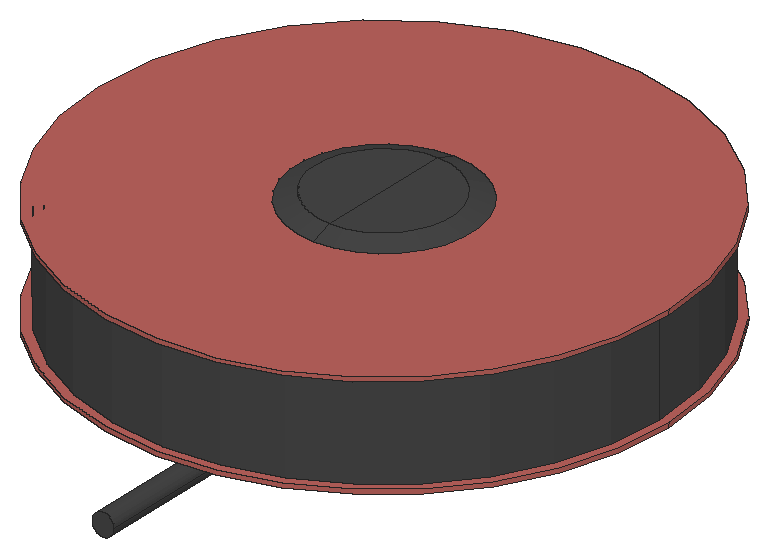
Revit family "GRAS_HW-19 ZWN-S 20-30", category Osprzęt hydrauliczny, Revit 2018
Family settings
  Obiekt nadrzędny = Powierzchnia
  Wymiar okrągłego złącza = Użyj średnicy
  Typ części = Normalny
  Tnij formami wycięć po wczytaniu = Nie
  Współdzielony = Nie
  Punkt obliczania pomieszczeń = Nie
Parameters (values of type "HW-25N-20/30 ZWN-S, 650x110")
  hose_color = Black
  URL = "http://www.gras.pl/"
  Top Right Supply Connection = ""
  Top Left Supply Connection = ""
  Side Right Supply Connection = ""
  Side Left Supply Connection = ""
  Producent = "GRAS PPPH"
  Opis = "https://gras.pl/en/hw-25-zwn-s-20-30/"
  Model = "HW-25N-20/30, 650x110"
  K Factor = 42
  Flow = 60.0 L/s
  Door_Right - Door_Left [instance] = no
  Default Elevation = 0 mm
  Diameter = 650 mm
  Depth_hose_reel = 120 mm
  DN = 25 mm
  Cabinet material = DC01, RAL3000
  Back Right Supply Connection = ""
  Back Left Supply Connection = ""
Types (2, lengths in mm): name | Model | Diameter | Depth_hose_reel
  HW-25N-20/30 ZWN-S, 600x140 | "HW-25N-20/30, 600x140" | 600 | 170
  HW-25N-20/30 ZWN-S, 650x110 | "HW-25N-20/30, 650x110" | 650 | 120
Reference planes
  plane 1 "Środek (Przód/Tył)": y = 0
  plane 2: z = 0
  plane 3 "Środek (Lewa/Prawa)": x = 0
  plane 4: z = 0
  plane 5: y = 650
  plane 6: y = 325
  plane 7: x = 325
  plane 8: x = -325
Forms (mm)
  Extrusion 1, solid, not visible
    sketch origin (0, 0, 0) x (1, 0, 0) y (0, 1, 0)
      loop
        line (-1219.2, 1219.2) -> (-1219.2, -1219.2) -> (1219.2, -1219.2) -> (1219.2, 1219.2) -> (-1219.2, 1219.2)
    from 0 to -304.8
Dimensions and locks
  equal spacing: plane 8, plane 3 "Środek (Lewa/Prawa)", plane 7
  "Diameter": plane 8 to plane 7
  equal spacing: plane 5, plane 6, plane 1 "Środek (Przód/Tył)"
  "Diameter": plane 5 to plane 1 "Środek (Przód/Tył)"
  equal spacing: plane 5, nested 1, plane 1 "Środek (Przód/Tył)"
  aligned and locked: plane 2 to Extrusion 1
  aligned and locked: level to Extrusion 1
Automatic sketch dimensions
  Extrusion 1 sketch curve to Extrusion 1 sketch curve = 2438.4 mm  (x2)
Nested families
  nested 1: "cabinet" at (0, 325, 0) x (-1, 0, 0) z (0, -1, 0), type "cabinet_on_the_wall"
Connectors
  piping at (0, -75, 22.5), diameter 25, driven by "DN"
    settings: on nested 1, index 1, connector inside diameter 609.6 mm, connector length 0 mm, flow factor 0, pipe flow 0.0 L/s, pressure drop 0.0 Pa, fitting loss kfactor 0, connector angle 0.00°, fixture units 0, engagement length 0 mm, angle of deflection 0.00°, flow configuration 0, flow direction 0, fitting loss method 0, system type 7, joint type 0, gender type 0, connector reference index -1, connector utility 0, adjustable connector no, is connector primary yes, connector description ""
Definition of nested family "cabinet"
  Parameters (values of type "cabinet_on_the_wall")
    steel_color = none
    mo_plane = 65 mm
    hose_depth = 120 mm
    diameter = 650 mm
    bracket_thickness = 10 mm
    Szlauch_color = none
    Hoose_reel_mo = mo_plane - 10 mm  # 55 mm
    Default Elevation = 0 mm
    Hose_color = none
    0 = 0 mm
  Reference planes
    plane 1 "Środek (Przód/Tył)": y = 0
    plane 2: z = 0
    plane 3 "Środek (Lewa/Prawa)": x = 0
    plane 4: y = -65
    plane 5: z = 0
    plane 6: x = -325
    plane 7: x = 325
    plane 8: z = -325
    plane 9: z = 325
    plane 10: y = -175
    plane 11: y = -55
  Dimensions and locks
    "mo_plane": plane 1 "Środek (Przód/Tył)" to plane 4
    "0": nested 2 to plane 4
    "0": level to nested 2
    "0": level to nested 1
    "0": plane 5 to plane 2
    equal spacing: plane 9, level, plane 8
    equal spacing: plane 7, plane 3 "Środek (Lewa/Prawa)", plane 6
    "diameter": plane 7 to plane 6
    "diameter": plane 9 to plane 8
    "Hoose_reel_mo": plane 1 "Środek (Przód/Tył)" to plane 11
    "hose_depth": plane 11 to plane 10
    "bracket_thickness": plane 1 "Środek (Przód/Tył)" to nested 3
    "0": nested 4 to nested 2  (x2)
    "0": nested 4 to level
    aligned and locked: level to plane 2
    aligned and locked: plane 3 "Środek (Lewa/Prawa)" to nested 2
  Nested families
    nested 1: "zwns" at (0, 0, -40), type "zwns"
      with 43 65 mm
    nested 2: "hose_reel" at (0, -60, -325), type "hose_reel"
      with diameter 650 mm, depth 120 mm
    nested 3: "hose" at (0, -22.5, 0), type "hose"
    nested 4: "plug" at (0, -180, -100), type "plug"
  Definition of nested family "zwns"
    Parameters (values of type "zwns")
      steel = none
      43 = 43 mm
      40 = 40 mm
      172 = 172 mm
      118 = 118 mm
      10 = 10 mm
    Reference planes
      plane 1 "Środek (Przód/Tył)": y = 0
      plane 2: z = 0
      plane 3 "Środek (Lewa/Prawa)": x = 0
      plane 4: z = 59
      plane 5: z = 118
      plane 6: x = -86
      plane 7: x = 86
      plane 8: y = -10
      plane 9: z = 40
      plane 10: y = -43
      plane 11: z = 60
      plane 12: z = 20
    Forms (mm)
      Extrusion 1, solid, material <- "steel"
        sketch origin (0, 0, 0) x (1, 0, 0) y (0, 1, 0)
          loop
            line (-86, 0) -> (-86, -10) -> (86, -10) -> (86, 0) -> (-86, 0)
        from 0 to 118
      Extrusion 2, solid, material <- "steel"
        sketch origin (0, 0, 0) x (1, 0, 0) y (0, 0, 1)
          loop
            circle (0, 40) r 20
        from 10 to 43
    Dimensions and locks
      equal spacing: plane 5, plane 4, level
      "118": plane 5 to level
      equal spacing: plane 7, plane 3 "Środek (Lewa/Prawa)", plane 6
      "172": plane 7 to plane 6
      "10": plane 8 to plane 1 "Środek (Przód/Tył)"
      "43": plane 1 "Środek (Przód/Tył)" to plane 10
      "40": plane 11 to plane 12
      equal spacing: plane 11, plane 9, plane 12
      "40": plane 9 to level
      aligned and locked: level to plane 2
      aligned and locked: Extrusion 1 sketch curve to plane 7
      aligned and locked: plane 6 to Extrusion 1 sketch curve
      aligned and locked: plane 8 to Extrusion 1 sketch curve
      aligned and locked: plane 1 "Środek (Przód/Tył)" to Extrusion 1 sketch curve
      aligned and locked: Extrusion 1 to level
      aligned and locked: plane 5 to Extrusion 1
      aligned and locked: plane 8 to Extrusion 2
      aligned and locked: Extrusion 2 to plane 10
    Automatic sketch dimensions
      Extrusion 2 sketch curve to plane 3 "Środek (Lewa/Prawa)" = 0 mm
      Extrusion 2 sketch curve to plane 9 = 0 mm
      radius of Extrusion 2 sketch curve = 20 mm
  Definition of nested family "hose_reel"
    Parameters (values of type "hose_reel")
      steel_color = none
      diameter = 700 mm
      depth = 58 mm
      Ral_3000 = none
      Hose_color = none
      5 = 5 mm
      180 = 180 mm
      20 = 20 mm
    Reference planes
      plane 1 "Środek (Przód/Tył)": y = 0
      plane 2: z = 0
      plane 3 "Środek (Lewa/Prawa)": x = 0
      plane 4: z = 350
      plane 5: z = 700
      plane 6: y = -58
      plane 7: z = 680
      plane 8: y = -5
      plane 9: y = -53
      plane 10: z = 440
      plane 11: z = 260
      plane 12: z = 690
    Forms (mm)
      Sweep 1, solid, material <- "Ral_3000"
        path origin (0, 0, 0) x (1, 0, 0) y (0, 0, 1)
          loop
            circle (0, 350) r 350
        profile origin (0, 0, 700) x (0, 0, -1) y (0, -1, 0)
          loop
            line (0, 0) -> (260, 0) -> (260, 58) -> (0, 58) -> (0, 53) -> (20, 53) -> (20, 5) -> (0, 5) -> (0, 0)
      Extrusion 2, solid, material <- "Ral_3000"
        sketch origin (0, 0, 0) x (1, 0, 0) y (0, 0, 1)
          loop
            circle (0, 350) r 90
        from 5 to 53
      Sweep 3, solid, material <- "Hose_color"
        path origin (0, 0, 0) x (1, 0, 0) y (0, 0, 1)
          loop
            circle (0, 350) r 340
        profile origin (0, 0, 690) x (0, 0, -1) y (0, -1, 0)
          loop
            line (10, 5) -> (10, 53) -> (0, 53) -> (0, 5) -> (10, 5)
    Dimensions and locks
      equal spacing: plane 5, plane 4, plane 2
      "diameter": plane 5 to plane 2
      "depth": plane 1 "Środek (Przód/Tył)" to plane 6
      "20": plane 5 to plane 7
      "5": plane 1 "Środek (Przód/Tył)" to plane 8
      "5": plane 9 to plane 6
      equal spacing: plane 10, plane 4, plane 11
      "180": plane 10 to plane 11
      equal spacing: plane 5, plane 12, plane 7
      aligned and locked: level to plane 2
      aligned and locked: plane 7 to Sweep 1 sketch curve
      aligned and locked: plane 8 to Sweep 1 sketch curve
      aligned and locked: Sweep 1 sketch curve to plane 9
      aligned and locked: plane 6 to Sweep 1 sketch curve
      aligned and locked: plane 5 to Sweep 1 sketch curve  (x2)
      aligned and locked: Sweep 1 sketch curve to plane 10
      aligned and locked: Extrusion 2 to Sweep 1
      aligned and locked: Sweep 1 to Extrusion 2
      aligned and locked: plane 7 to Sweep 3 sketch curve
      aligned and locked: Sweep 3 sketch curve to plane 9
      aligned and locked: plane 8 to Sweep 3 sketch curve
      aligned and locked: Sweep 3 sketch curve to plane 12
    Automatic sketch dimensions
      Sweep 1 sketch curve to plane 3 "Środek (Lewa/Prawa)" = 0 mm
      Sweep 1 sketch curve to plane 4 = 0 mm
      Sweep 1 sketch curve to plane 1 "Środek (Przód/Tył)" = 0 mm
      Extrusion 2 sketch curve to plane 3 "Środek (Lewa/Prawa)" = 0 mm
      Extrusion 2 sketch curve to plane 4 = 0 mm
      Sweep 3 sketch curve to plane 3 "Środek (Lewa/Prawa)" = 0 mm
      Sweep 3 sketch curve to plane 4 = 0 mm
      radius of Sweep 1 sketch curve = 350 mm
      radius of Extrusion 2 sketch curve = 90 mm
      radius of Sweep 3 sketch curve = 340 mm
  Definition of nested family "hose"
    Parameters (values of type "hose")
      material = none
      lenght = 400 mm
      hose_out = DN + 6 mm  # 25 mm
      DN = 19 mm
      40 = 40 mm
    Reference planes
      plane 1 "Środek (Przód/Tył)": y = 0
      plane 2: z = 0
      plane 3 "Środek (Lewa/Prawa)": x = 0
      plane 4: y = 12.5
      plane 5: y = -12.5
      plane 6: x = 12.5
      plane 7: x = -12.5
      plane 8: z = 400
      plane 9: z = 20
      plane 10: z = -20
    Forms (mm)
      Extrusion 1, solid, material <- "material"
        sketch origin (0, 0, 0) x (1, 0, 0) y (0, 1, 0)
          loop
            circle (0, 0) r 12.5
        from 0 to 400
      Extrusion 2, void
        sketch origin (0, 0, 0) x (1, 0, 0) y (0, 0, 1)
          loop
            circle (0, 0) r 20
        from -12.5 to 12.5
    Cuts and joins
      Extrusion 2 cuts Extrusion 1
    Dimensions and locks
      equal spacing: plane 7, plane 3 "Środek (Lewa/Prawa)", plane 6
      equal spacing: plane 4, plane 1 "Środek (Przód/Tył)", plane 5
      "hose_out": plane 7 to plane 6
      "hose_out": plane 4 to plane 5
      "lenght": plane 8 to level
      equal spacing: plane 9, level, plane 10
      "40": plane 9 to plane 10
      "hose_out": diameter of Extrusion 1 sketch curve
      "40": diameter of Extrusion 2 sketch curve
      aligned and locked: level to plane 2
      aligned and locked: plane 8 to Extrusion 1
      aligned and locked: Extrusion 1 to level
      aligned and locked: plane 4 to Extrusion 2
      aligned and locked: Extrusion 2 to plane 5
    Automatic sketch dimensions
      plane 1 "Środek (Przód/Tył)" to Extrusion 1 sketch curve = 0 mm
      Extrusion 1 sketch curve to plane 3 "Środek (Lewa/Prawa)" = 0 mm
      Extrusion 2 sketch curve to level = 0 mm
      Extrusion 2 sketch curve to plane 3 "Środek (Lewa/Prawa)" = 0 mm
  Definition of nested family "plug"
    Parameters (values of type "plug")
      thickness = 2 mm
      plug_diameter = 200 mm
      material = none
      depth = 8 mm
    Reference planes
      plane 1 "Środek (Przód/Tył)": y = 0
      plane 2: z = 0
      plane 3 "Środek (Lewa/Prawa)": x = 0
      plane 4: y = -8
      plane 5: z = 200
      plane 6: z = 100
      plane 7: x = -100
      plane 8: x = 100
    Forms (mm)
      Revolve 1, solid, material <- "material"
        sketch origin (0, 0, 0) x (0, 1, 0) y (0, 0, 1)
          loop
            line (0, 200) -> (-8, 176.941) -> (-8, 100) -> (-6, 100) -> (-6, 176.604) -> (0, 193.898) -> (0, 200)
          axis (-8, 100) -> (0, 100)
        angle from 0 to 360
    Dimensions and locks
      "depth": plane 1 "Środek (Przód/Tył)" to plane 4
      equal spacing: plane 5, plane 6, level
      "plug_diameter": plane 5 to level
      equal spacing: plane 8, plane 3 "Środek (Lewa/Prawa)", plane 7
      "plug_diameter": plane 8 to plane 7
      "thickness": Revolve 1 sketch curve to Revolve 1 sketch curve  (x2)
      aligned and locked: level to plane 2
      aligned and locked: Revolve 1 sketch curve to plane 6  (x2)
    Automatic sketch dimensions
      Revolve 1 sketch curve to plane 4 = 0 mm
      Revolve 1 sketch curve to plane 1 "Środek (Przód/Tył)" = 0 mm
      Revolve 1 sketch curve to plane 5 = 0 mm
      Revolve 1 sketch curve to plane 5 = 23.396 mm
      Revolve 1 sketch curve to plane 4 = 50 mm
      Revolve 1 sketch curve to plane 1 "Środek (Przód/Tył)" = 40 mm
